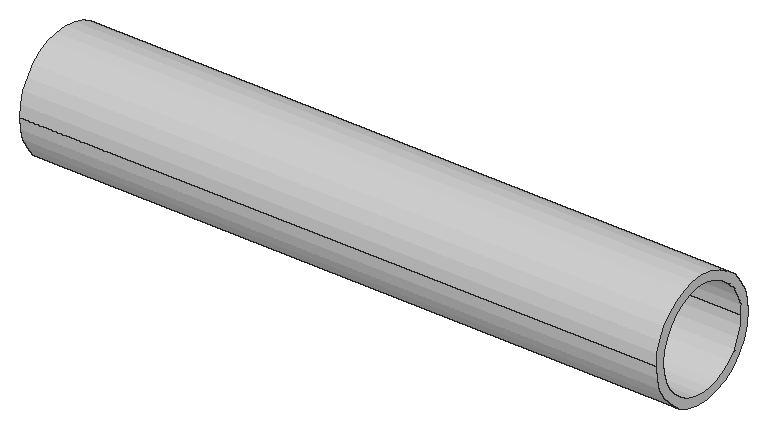
Revit family "HSS Round", category Structural Framing, Revit 2020
Family settings
  Structural Framing Length Roundoff = 0' - 0"
  Section Shape = Round HSS
  Material for Model Behavior = Steel
  Always export as geometry = No
  Code Name = AISC 14.1
  OmniClass Number = 23.25.30.11.14.14
  OmniClass Title = Beams
  Always vertical = Yes
  Cut with Voids When Loaded = No
  Symbolic Representation = From Project Settings
  Shared = No
  Show family pre-cut in plan views = Yes
Parameters (values of type "HSS8.625X.625")
  Warping Constant = (empty or 0)
  Wall Nominal Thickness = 0' - 0 5/8"
  Wall Design Thickness = 14.757 mm
  Torsional Moment of Inertia = 9947.9 cm⁴
  Torsional Modulus = 907.84 cm³
  Structural Material [instance] = Steel ASTM A500, Grade B, Round
  Section Name Key = ""
  Section Area = 14.700 in²
  Principal Axes Angle = 0.00°
  Plastic Modulus weak axis = 617.79 cm³
  Plastic Modulus strong axis = 617.79 cm³
  Nominal Weight = 780.04 N/m
  Moment of Inertia weak axis = 4953.2 cm⁴
  Moment of Inertia strong axis = 4953.2 cm⁴
  Elastic Modulus weak axis = 453.92 cm³
  Elastic Modulus strong axis = 453.92 cm³
  Diameter = 0' - 8 5/8"
  Centroid Vertical = Diameter / 2  # 109.538 mm
  Centroid Horizontal = Diameter / 2  # 109.538 mm
  Assembly Code = "B10"
  Length [instance] = 5' - 0"
Reference planes (in)
  plane 1 "Center (Front/Back)": y = 0
  plane 2: z = 0
  plane 3 "Center (Left/Right)": x = 0.1815
  plane 4 "Member Left": x = -23.8185
  plane 5 "Member Right": x = 24.1815
  plane 6: y = 4.3125
  plane 7: y = -4.3125
  plane 8 "Top": z = 4.3125
  plane 9: z = -4.3125
  plane 10 "Left": x = -29.8185
  plane 11 "Right": x = 30.1815
Forms (in)
  Extrusion 1, solid, material "Steel ASTM A500, Grade B, Round" <- "Structural Material", detail levels medium+fine
    sketch origin (0.1815, 0, 0) x (0, 1, 0) y (0, 0, 1)
      loop
        circle (0, 0) r 4.3125
      loop
        circle (0, 0) r 3.6875
    from -24 to 24
Lines and regions (in)
  symbolic lines, style "Stick Symbols", detail levels coarse
    curve 1: arc (0, 4.3125, 0) -> (0, 0, -4.3125) -> (0, -4.3125, 0) r 4.3125
    curve 2: arc (0, -4.3125, 0) -> (0, 0, 4.3125) -> (0, 4.3125, 0) r 4.3125
Dimensions and locks (in)
  "Diameter": plane 6 to plane 7
  "Diameter": plane 9 to plane 8 "Top"
  equal spacing: plane 9, plane 2, plane 8 "Top"
  equal spacing: plane 6, plane 1 "Center (Front/Back)", plane 7
  "Length": plane 10 "Left" to plane 11 "Right"
  "Wall Nominal Thickness": plane 6 to Extrusion 1 sketch curve
  "Wall Nominal Thickness": Extrusion 1 sketch curve to plane 7
  aligned and locked: plane 4 "Member Left" to Extrusion 1
  aligned and locked: Extrusion 1 to plane 5 "Member Right"
  aligned and locked: plane 2 to level
Automatic sketch dimensions
  curve 1 to level = 0' - 0"
  curve 1 to plane 7 = 0' - 0"
  curve 1 to plane 1 "Center (Front/Back)" = 0' - 0"
  Extrusion 1 sketch curve to Extrusion 1 sketch curve = 0' - 0"  (x2)
  Extrusion 1 sketch curve to level = 0' - 0"
  Extrusion 1 sketch curve to plane 7 = 0' - 0"
